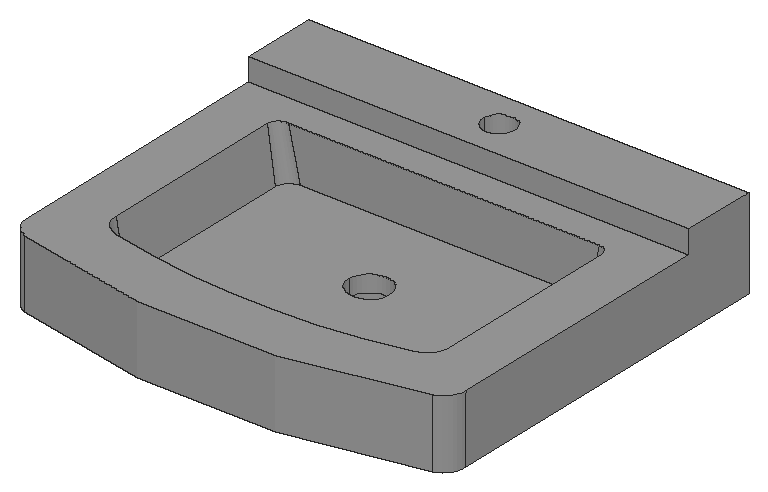
Revit family "L.CONNECT", category Plumbing Fixtures, Revit 2019
Family settings
  Round Connector Dimension = Use Diameter
  Part Type = Normal
  OmniClass Number = 23.45.00.00
  OmniClass Title = Sanitary, Laundry, and Cleaning Equipment
  Work Plane-Based = No
  Always vertical = Yes
  Cut with Voids When Loaded = No
  Shared = No
  Room Calculation Point = No
Reference planes
  plane 1 "Center (Front/Back)": y = 0
  plane 2: z = 0
  plane 3 "Center (Left/Right)": x = 0
Forms (mm)
  Extrusion 1, solid
    sketch origin (0, 0, 0) x (1, 0, 0) y (0, 1, 0)
      loop
        arc (0, -168.524) -> (4.848, -183.319) -> (17.511, -192.376) r 25
        arc (17.511, -192.376) -> (241, -226.639) -> (464.489, -192.376) r 746.013
        arc (464.489, -192.376) -> (477.152, -183.319) -> (482, -168.524) r 25
        line (482, -168.524) -> (482, 218.361) -> (0, 218.361) -> (0, -168.524)
    from 0 to 100
  Blend 2, void
    base sketch origin (0, -220, 0) x (1, 0, 0) y (0, 1, 0)
      loop
        arc (83, 322) -> (72.393, 317.607) -> (68, 307) r 15
        line (68, 307) -> (68, 102.101)
        arc (68, 102.101) -> (71.197, 92.844) -> (79.425, 87.533) r 15
        arc (79.425, 87.533) -> (241.279, 68) -> (403.117, 87.667) r 678.013
        arc (403.117, 87.667) -> (410.955, 92.733) -> (414, 101.555) r 14.303
        line (414, 101.555) -> (414, 307)
        arc (414, 307) -> (409.607, 317.607) -> (399, 322) r 15
        line (399, 322) -> (83, 322)
    top sketch origin (0, -220, 0) x (1, 0, 0) y (0, 1, 0)
      loop
        line (53, 310) -> (53, 102.101)
        arc (53, 102.101) -> (59.394, 83.588) -> (75.851, 72.966) r 30
        arc (75.851, 72.966) -> (241, 53) -> (406.149, 72.966) r 693.013
        arc (406.149, 72.966) -> (422.367, 83.283) -> (429, 101.323) r 30.014
        line (429, 101.323) -> (429, 310)
        arc (429, 310) -> (425.485, 318.485) -> (417, 322) r 12
        line (417, 322) -> (65, 322)
        arc (65, 322) -> (56.515, 318.485) -> (53, 310) r 12
    from 18.144 to 100
  Extrusion 3, void
    sketch origin (0, 0, 0) x (1, 0, 0) y (0, 0, 1)
      loop
        line (0, 100) -> (0, 75) -> (482, 75) -> (482, 100) -> (0, 100)
    from -136.322 to 263.387
  Extrusion 4, void
    sketch origin (0, -205.32, 0) x (1, 0, 0) y (0, 1, 0)
      loop
        circle (241, 205.593) r 22.5
      loop
        circle (241, 383.5) r 17.5
    from -118 to 100
  Revolve 5, solid
    sketch origin (0, 0, 0) x (1, 0, 0) y (0, 0, 1)
      loop
        line (241, 0) -> (241, -118) -> (285, -118) -> (285, -80.266)
        arc (285, -80.266) -> (286.52, -76.675) -> (290.157, -75.268) r 5
        arc (290.157, -75.268) -> (351.207, -61.543) -> (398, -20) r 125.259
        line (398, -20) -> (412.785, -20)
        arc (412.785, -20) -> (417.18, -18.18) -> (419, -13.785) r 6.215
        line (419, -13.785) -> (419, 0) -> (241, 0)
      axis (241, -118) -> (241, 0)
    angle from 0 to 360
Cuts and joins
  Blend 2, Extrusion 3, Extrusion 4 cuts Extrusion 1
  Extrusion 4 cuts Revolve 5
Dimensions and locks
  aligned and locked: level to plane 2
Connectors
  piping at (241, 0, -118), diameter 45
    settings: on cut or joined group of Extrusion 4, Revolve 5, index 1, connector inside diameter 609.6 mm, connector length 0 mm, flow factor 0, pipe flow 0.0 L/s, pressure drop 0.0 Pa, fitting loss kfactor 0, connector angle 0.00°, fixture units 0, engagement length 0 mm, angle of deflection 0.00°, flow configuration 0, flow direction 0, fitting loss method 0, system type 7, joint type 0, gender type 0, connector reference index -1, connector utility 0, adjustable connector no, is connector primary yes, connector description ""
